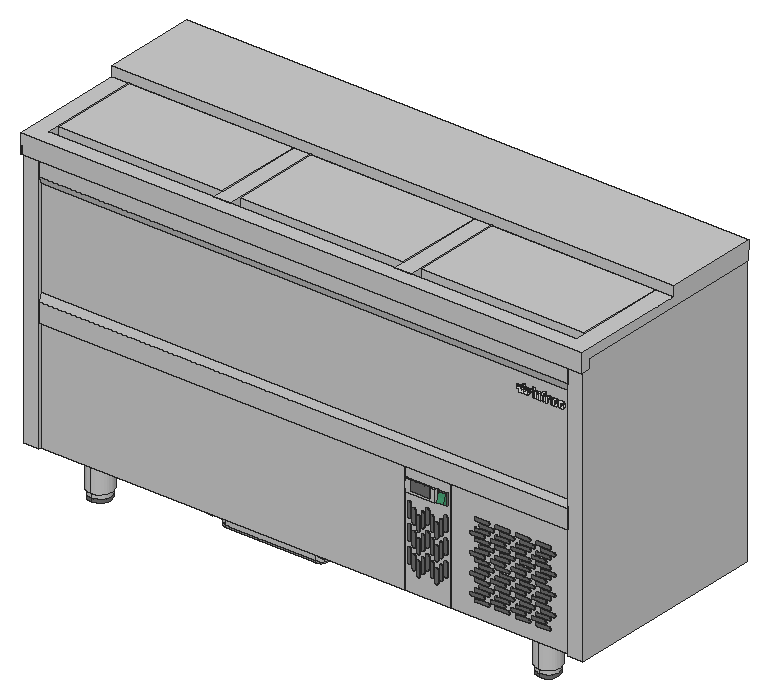
Revit family "QF_INFRICO_EB1500II_250806033230", category Specialty Equipment, Revit 2021
Family settings
  Round Connector Dimension = Use Diameter
  Part Type = Normal
  OmniClass Number = 23.40.40.14
  OmniClass Title = Food Service Equipment
  Work Plane-Based = No
  Always vertical = Yes
  Cut with Voids When Loaded = No
  Shared = No
  Room Calculation Point = No
Parameters (values of type "EB1500II")
  Weight [instance] = 78.9976 kg
  Waste Water Discharge Temperature [instance] = 0 °C
  Waste Remarks [instance] = ""
  Warranty Start Date [instance] = ""
  Warranty Duration [instance] = ""
  Volts [instance] = 230 V
  Volt Free Conn [instance] = no
  URL Recommended Spares List [instance] = ""
  URL Manufacturer [instance] = ""
  URL Cutsheet [instance] = ""
  URL Critical Spares List [instance] = ""
  URL = "www.infrico.com"
  Technical Documentation [instance] = ""
  Tag Number [instance] = ""
  Status [instance] = ""
  Start Up Current [instance] = 0 A
  Specification by User [instance] = ""
  Specification by Manufacturer [instance] = ""
  Sound Level [instance] = ""
  Show Logo [instance] = yes
  Show Clearances [instance] = yes
  Service Life Duration [instance] = ""
  Serial Number [instance] = ""
  Seismic Rating [instance] = ""
  SMACNA No [instance] = ""
  Revision Code [instance] = ""
  Revision [instance] = ""
  Production Year [instance] = ""
  Potential Equalisation [instance] = no
  Point Load [instance] = 0
  Plumbing Connection Type [instance] = ""
  Phase [instance] = 1
  Other Equipment Approvals [instance] = ""
  Operational Current [instance] = 0 A
  Number of Poles [instance] = 2
  No Load Power Draw [instance] = no
  NAFEM Spec ID Number [instance] = ""
  Model Warning [instance] = ""
  Model = "EB1500II"
  Min Ckt Ampacity [instance] = 0 A
  Max Overcurrent Protection [instance] = 0 A
  Masterspec [instance] = ""
  Manufacturer = "INFRICO"
  Main switch integrated [instance] = no
  Length Actual [instance] = 1479.042 mm
  Item Number [instance] = ""
  Installed By [instance] = ""
  Installation Date [instance] = ""
  Indirect Waste Size [instance] = 19.05 mm
  Indirect Waste Remarks [instance] = ""
  Indirect Waste Flow [instance] = 0.0 L/s
  Indirect Waste Connection Type [instance] = ""
  Indirect Waste Connection Height [instance] = 0 mm
  Identify Quantity as Lot [instance] = no
  ID [instance] = ""
  Hygiene Approval [instance] = ""
  Height Actual [instance] = 865.124 mm
  HP power [instance] = ""
  Furnished By [instance] = ""
  Foodservice Equipment Identifier [instance] = no
  FL Amps [instance] = 0 A
  Electrical Remarks [instance] = ""
  Electric power [instance] = 180 W
  Electric Connection Type [instance] = ""
  Elec Conn RI Height [instance] = 0 mm
  Elec Conn Connection Height [instance] = 0 mm
  ETL Approved [instance] = no
  Direct Waste Water Discharge Temperature [instance] = -273.15 °C
  Direct Waste Size [instance] = 19.05 mm
  Direct Waste RI Height [instance] = 0 mm
  Direct Waste Flow [instance] = 0.0 L/s
  Direct Waste Connection Height [instance] = 0 mm
  Description = "CHEST BOTTLE COOLER - THREE DOORS - R290"
  Depth Actual [instance] = 549.91 mm
  Default Elevation = 0 mm
  Cycle [instance] = 50 Hz
  Cost = 0
  Connection to energy optimisation system [instance] = yes
  Conn Plug [instance] = ""
  Conn Conduit [instance] = no
  Centralized building control system with digital interface [instance] = ""
  CSI MasterFormat [instance] = ""
  CE Approved [instance] = no
  Barcode [instance] = 0
  Author [instance] = ""
  Asset Identifier [instance] = ""
  Apparent Power [instance] = 180 VA
  Accessory [instance] = no
Reference planes
  plane 1 "Center (Front/Back)": y = 0
  plane 2: z = 0
  plane 3 "Center (Left/Right)": x = 0
Forms (mm)
  Extrusion 1, solid, not visible
    sketch origin (1047.051, -273.113, 107.005) x (1, 0, 0) y (0, 1, 0)
      loop
        line (-2, 2) -> (-2, -2) -> (2, -2) -> (2, 2) -> (-2, 2)
    from -2 to 2
  Extrusion 2, solid, not visible
    sketch origin (912.545, -84.104, 107.005) x (1, 0, 0) y (0, 1, 0)
      loop
        line (-2, 2) -> (-2, -2) -> (2, -2) -> (2, 2) -> (-2, 2)
    from -2 to 2
Dimensions and locks
  locked: nested 2 to Extrusion 1 at 2  (x2)
  locked: nested 3 to Extrusion 2 at 2  (x2)
  aligned and locked: level to plane 2
Nested families
  nested 1: "QF_INFRICO_EB1500II_2920" at (0, 0, 0), type "EB1500II"
    with Weight 78.9976 kg, Warranty Start Date "", Warranty Duration "", URL Cutsheet "", Technical Documentation "", Tag Number "", Status "", Specification by User "", Specification by Manufacturer "", Sound Level "", Solid Fuel Type "", Show Logo yes, Show Clearances yes, Show Clearance yes, Service Life Duration "", Serial Number "", Seismic Rating "", SMACNA No "", Revision Code "", Revision "", Production Year "", Point Load 0, Other Equipment Approvals "", NAFEM Spec ID Number "", Model Warning "", Masterspec "", Length Actual 1479.042 mm, Item Number "", Installed By "", Installation Date "", Identify Quantity as Lot yes, ID "", Hygiene Approval "", Height Actual 865.124 mm, Furnished By "", Foodservice Equipment Identifier yes, Finish none, ETL Approved yes, Depth Actual 549.91 mm, CSI MasterFormat "", CE Approved no, Barcode "", Author "", Asset Identifier "", Accessory no
  nested 2: "CONN_POINT_DRAIN_2D___Generic_Annotation" at (1047.051, -273.113, 105.005), type "CONN_POINT_DRAIN_2D___Generic_Annotation"
    with Onboard connection annotation symbol visibility yes
  nested 3: "CONN_POINT_ELE_2D___Generic_Annotation" at (912.545, -84.104, 105.005), type "CONN_POINT_ELE_2D___Generic_Annotation"
    with Onboard connection annotation symbol visibility yes
Connectors
  piping at (1047.051, -273.113, 105.005), diameter 19.05, driven by "Indirect Waste Size", driven by "Direct Waste Flow"
    settings: on Extrusion 1, index 1, connector inside diameter 609.6 mm, connector length 0 mm, flow factor 0, pipe flow 0.0 L/s, pressure drop 0.0 Pa, fitting loss kfactor 0, connector angle 0.00°, fixture units 0, engagement length 0 mm, angle of deflection 0.00°, flow configuration 1, flow direction 2, fitting loss method 0, system type 16, joint type 0, gender type 0, connector reference index -1, connector utility 0, adjustable connector no, is connector primary yes, connector description "Waste connection for EB1500II"
  electrical at (912.545, -84.104, 105.005), driven by "Apparent Power", driven by "Number of Poles", driven by "Volts"
    settings: on Extrusion 2, index 2, voltage 230 V, apparent load 0 VA, apparent load phase1 180 VA, apparent load phase2 0 VA, apparent load phase3 0 VA, power factor 1, load classification "Other", number of poles 2, system type 31, power factor state 1, is connector primary yes, connector utility no, sub classification motor no, connector description "Electrical connection for EB1500II"
Definition of nested family "QF_INFRICO_EB1500II_2920"
  Parameters (values of type "EB1500II")
    Weight [instance] = 0.00 kg
    Warranty Start Date [instance] = ""
    Warranty Duration [instance] = ""
    URL Cutsheet [instance] = ""
    URL = "www.infrico.com"
    Technical Documentation [instance] = ""
    Tag Number [instance] = ""
    Status [instance] = ""
    Specification by User [instance] = ""
    Specification by Manufacturer [instance] = ""
    Sound Level [instance] = ""
    Solid Fuel Type [instance] = ""
    Show Logo [instance] = yes
    Show Clearances [instance] = yes
    Show Clearance [instance] = yes
    Service Life Duration [instance] = ""
    Serial Number [instance] = ""
    Seismic Rating [instance] = ""
    SMACNA No [instance] = ""
    Revision Code [instance] = ""
    Revision [instance] = ""
    Production Year [instance] = ""
    Point Load [instance] = 0
    Other Equipment Approvals [instance] = ""
    NAFEM Spec ID Number [instance] = ""
    Model Warning [instance] = ""
    Model = "EB1500II"
    Masterspec [instance] = ""
    Manufacturer = "INFRICO"
    Length Actual [instance] = 0 mm
    Item Number [instance] = ""
    Installed By [instance] = ""
    Installation Date [instance] = ""
    Identify Quantity as Lot [instance] = yes
    ID [instance] = ""
    Hygiene Approval [instance] = ""
    Height Actual [instance] = 0 mm
    Furnished By [instance] = ""
    Foodservice Equipment Identifier [instance] = yes
    Finish [instance] = none
    ETL Approved [instance] = yes
    Description = "CHEST BOTTLE COOLER - THREE DOORS - R290"
    Depth Actual [instance] = 0 mm
    Default Elevation = 0 mm
    CSI MasterFormat [instance] = ""
    CE Approved [instance] = yes
    Barcode [instance] = ""
    Author [instance] = ""
    Asset Identifier [instance] = ""
    Assembly Code = "E1090320"
    Accessory [instance] = yes
  Reference planes
    plane 1 "Back": y = 0
    plane 2: z = 0
    plane 3 "Left": x = 0
    plane 4 "Right": x = 1479
    plane 5 "Front": y = -550
    plane 6 "Top": z = 865
  Forms (mm)
    Extrusion 1, solid
      sketch origin (0, 0, -15) x (0, 1, 0) y (0, 0, 1)
        loop
          line (0, 880) -> (-247, 880) -> (-247, 855) -> (0, 855) -> (0, 880)
      from 0 to 1479
    Extrusion 2, solid
      sketch origin (0, 0, -15) x (1, 0, 0) y (0, 0, 1)
        loop
          line (44, 855) -> (0, 855) -> (0, 830) -> (3, 830) -> (3, 836) -> (44, 836) -> (44, 855)
      from 0 to 510
    Extrusion 3, solid
      sketch origin (1479, 0, -15) x (-1, 0, 0) y (0, 0, -1)
        loop
          line (44, -855) -> (44, -836) -> (3, -836) -> (3, -830) -> (0, -830) -> (0, -855) -> (44, -855)
      from 0 to 510
    Extrusion 4, solid
      sketch origin (0, 0, -15) x (0, 1, 0) y (0, 0, 1)
        loop
          line (-510, 830) -> (-510, 855) -> (-550, 855) -> (-550, 830) -> (-510, 830)
      from 0 to 1479
    Extrusion 5, solid
      sketch origin (3, 0, -15) x (0, 1, 0) y (0, 0, 1)
        loop
          line (-247, 855) -> (-482, 855) -> (-482, 832) -> (-510, 832) -> (-510, 830) -> (-247, 830) -> (-247, 855)
      from 44 to 475
    Extrusion 6, solid
      sketch origin (0, 0, -15) x (0, 1, 0) y (0, 0, 1)
        loop
          line (0, 855) -> (-44, 855) -> (-44, 830) -> (0, 830) -> (0, 855)
      from 44 to 1435
    Extrusion 7, solid
      sketch origin (0, 0, -15) x (1, 0, 0) y (0, 0, 1)
        loop
          line (3, 830) -> (44, 830) -> (44, 836) -> (3, 836) -> (3, 830)
      from 0 to 44
    Extrusion 8, solid
      sketch origin (1432, 0, -15) x (1, 0, 0) y (0, 0, 1)
        loop
          line (3, 830) -> (44, 830) -> (44, 836) -> (3, 836) -> (3, 830)
      from 0 to 44
    Extrusion 9, solid
      sketch origin (3, 0, -15) x (0, 1, 0) y (0, 0, 1)
        loop
          line (-542, 120) -> (0, 120) -> (0, 830) -> (-542, 830) -> (-542, 120)
      from 0 to 39
    Extrusion 10, solid, visible <- "Show Logo"
      sketch origin (135.682, -535, -15.716) x (1, 0, 0) y (0, 0, 1)
        loop
          line (1208.799, 696.53) -> (1208.799, 719.204) -> (1204.173, 719.204) -> (1204.173, 696.53) -> (1208.799, 696.53)
        loop
          line (1214.779, 713.006) -> (1211.283, 713.006) -> (1211.283, 696.53) -> (1215.772, 696.53) -> (1215.772, 707.832)
          arc (1215.772, 707.832) -> (1217.528, 708.741) -> (1219.417, 709.324) r 11.052
          arc (1219.417, 709.324) -> (1220.929, 708.961) -> (1221.598, 707.557) r 1.806
          line (1221.598, 707.557) -> (1221.598, 696.53) -> (1226.121, 696.53) -> (1226.121, 708.689)
          arc (1226.121, 708.689) -> (1224.637, 712.075) -> (1221.141, 713.281) r 4.607
          arc (1221.141, 713.281) -> (1218.282, 712.674) -> (1215.669, 711.361) r 11.435
          line (1215.669, 711.361) -> (1215.601, 712.184)
          arc (1215.601, 712.184) -> (1215.36, 712.765) -> (1214.779, 713.006) r 0.822
        loop
          line (1238.557, 720.102) -> (1237.306, 720.102)
          arc (1237.306, 720.102) -> (1235.052, 719.926) -> (1232.881, 719.297) r 11.103
          arc (1232.881, 719.297) -> (1230.805, 717.616) -> (1230.024, 715.062) r 4.567
          line (1230.024, 715.062) -> (1230.024, 712.909) -> (1227.351, 712.703) -> (1227.351, 709.374) -> (1230.024, 709.374) -> (1230.024, 696.53) -> (1234.547, 696.53) -> (1234.547, 709.374) -> (1238.249, 709.374) -> (1238.249, 712.938) -> (1234.547, 712.938) -> (1234.547, 714.548)
          arc (1234.547, 714.548) -> (1234.956, 715.705) -> (1236.045, 716.271) r 1.67
          line (1236.045, 716.271) -> (1237.7, 716.399)
          arc (1237.7, 716.399) -> (1238.306, 716.65) -> (1238.557, 717.255) r 0.857
          line (1238.557, 717.255) -> (1238.557, 720.102)
        loop
          line (1239.479, 713.006) -> (1239.479, 696.53) -> (1243.968, 696.53) -> (1243.968, 707.352)
          arc (1243.968, 707.352) -> (1245.873, 708.631) -> (1248.077, 709.268) r 7.435
          line (1248.077, 709.268) -> (1249.241, 709.416)
          arc (1249.241, 709.416) -> (1249.643, 709.758) -> (1249.793, 710.265) r 0.928
          line (1249.793, 710.265) -> (1249.793, 712.458)
          arc (1249.793, 712.458) -> (1249.531, 713.061) -> (1248.912, 713.28) r 0.824
          arc (1248.912, 713.28) -> (1246.197, 712.588) -> (1243.899, 710.984) r 7.833
          line (1243.899, 710.984) -> (1243.726, 713.006) -> (1239.479, 713.006)
        loop
          line (1255.495, 696.53) -> (1255.495, 713.006) -> (1251.006, 713.006) -> (1251.006, 696.53) -> (1255.495, 696.53)
        loop
          arc (1257.421, 701.327) -> (1258.567, 698.188) -> (1261.466, 696.525) r 4.873
          arc (1261.466, 696.525) -> (1264.493, 696.266) -> (1267.521, 696.525) r 17.816
          arc (1267.521, 696.525) -> (1270.575, 699.134) -> (1271.505, 703.041) r 6.481
          line (1271.505, 703.041) -> (1267.187, 703.041) -> (1267.187, 701.67)
          arc (1267.187, 701.67) -> (1266.64, 700.452) -> (1265.442, 699.865) r 1.965
          arc (1265.442, 699.865) -> (1264.547, 699.816) -> (1263.653, 699.865) r 8.196
          arc (1263.653, 699.865) -> (1262.417, 700.415) -> (1261.91, 701.67) r 1.806
          line (1261.91, 701.67) -> (1261.91, 707.9)
          arc (1261.91, 707.9) -> (1262.417, 709.155) -> (1263.653, 709.705) r 1.806
          arc (1263.653, 709.705) -> (1264.547, 709.754) -> (1265.442, 709.705) r 8.196
          arc (1265.442, 709.705) -> (1266.64, 709.118) -> (1267.187, 707.9) r 1.965
          line (1267.187, 707.9) -> (1267.187, 706.838) -> (1271.505, 706.838)
          arc (1271.505, 706.838) -> (1270.524, 710.556) -> (1267.521, 712.959) r 6.132
          arc (1267.521, 712.959) -> (1264.493, 713.294) -> (1261.466, 712.959) r 13.851
          arc (1261.466, 712.959) -> (1258.571, 711.349) -> (1257.421, 708.243) r 4.772
          line (1257.421, 708.243) -> (1257.421, 701.327)
        loop
          arc (1272.916, 701.329) -> (1273.993, 698.345) -> (1276.726, 696.734) r 4.676
          arc (1276.726, 696.734) -> (1278.515, 696.455) -> (1280.318, 696.291) r 28.371
          arc (1280.318, 696.291) -> (1282.122, 696.455) -> (1283.911, 696.734) r 28.371
          arc (1283.911, 696.734) -> (1286.644, 698.345) -> (1287.72, 701.329) r 4.676
          line (1287.72, 701.329) -> (1287.72, 708.242)
          arc (1287.72, 708.242) -> (1286.644, 711.226) -> (1283.911, 712.837) r 4.676
          arc (1283.911, 712.837) -> (1282.122, 713.116) -> (1280.318, 713.28) r 28.371
          arc (1280.318, 713.28) -> (1278.515, 713.116) -> (1276.726, 712.837) r 28.371
          arc (1276.726, 712.837) -> (1273.993, 711.226) -> (1272.916, 708.242) r 4.676
          line (1272.916, 708.242) -> (1272.916, 701.329)
        loop
          line (1277.405, 707.866) -> (1277.405, 701.705)
          arc (1277.405, 701.705) -> (1277.844, 700.556) -> (1278.936, 699.991) r 1.725
          arc (1278.936, 699.991) -> (1279.627, 699.918) -> (1280.318, 699.856) r 46.133
          arc (1280.318, 699.856) -> (1281.01, 699.918) -> (1281.701, 699.991) r 46.133
          arc (1281.701, 699.991) -> (1282.793, 700.556) -> (1283.231, 701.705) r 1.725
          line (1283.231, 701.705) -> (1283.231, 707.866)
          arc (1283.231, 707.866) -> (1282.793, 709.015) -> (1281.701, 709.58) r 1.725
          arc (1281.701, 709.58) -> (1281.01, 709.653) -> (1280.318, 709.716) r 46.133
          arc (1280.318, 709.716) -> (1279.627, 709.653) -> (1278.936, 709.58) r 46.133
          arc (1278.936, 709.58) -> (1277.844, 709.015) -> (1277.405, 707.866) r 1.725
        loop
          arc (1190.339, 696.543) -> (1191.411, 696.987) -> (1191.856, 698.059) r 1.516
          line (1191.856, 698.059) -> (1191.856, 703.891) -> (1196.035, 703.891)
          arc (1196.035, 703.891) -> (1196.79, 704.121) -> (1197.218, 704.782) r 1.147
          line (1197.218, 704.782) -> (1197.218, 706.211)
          arc (1197.218, 706.211) -> (1196.787, 707.258) -> (1195.719, 707.634) r 1.385
          line (1195.719, 707.634) -> (1194.52, 707.634) -> (1197.218, 710.332)
          arc (1197.218, 710.332) -> (1197.605, 711.266) -> (1197.218, 712.2) r 1.321
          line (1197.218, 712.2) -> (1196.495, 712.923)
          arc (1196.495, 712.923) -> (1195.54, 713.338) -> (1194.558, 712.991) r 1.422
          line (1194.558, 712.991) -> (1191.853, 710.286) -> (1191.853, 711.479)
          arc (1191.853, 711.479) -> (1191.443, 712.516) -> (1190.435, 712.992) r 1.516
          line (1190.435, 712.992) -> (1189.514, 712.992)
          arc (1189.514, 712.992) -> (1188.511, 712.514) -> (1188.103, 711.479) r 1.516
          line (1188.103, 711.479) -> (1188.103, 706.83) -> (1182.073, 701.336) -> (1182.073, 707.509) -> (1185.639, 711.075)
          arc (1185.639, 711.075) -> (1186.053, 712.073) -> (1185.639, 713.071) r 1.412
          line (1185.639, 713.071) -> (1184.987, 713.723)
          arc (1184.987, 713.723) -> (1183.939, 714.141) -> (1182.915, 713.667) r 1.428
          line (1182.915, 713.667) -> (1182.073, 712.825) -> (1182.073, 717.784)
          arc (1182.073, 717.784) -> (1181.658, 718.787) -> (1180.655, 719.203) r 1.418
          line (1180.655, 719.203) -> (1179.726, 719.203)
          arc (1179.726, 719.203) -> (1178.723, 718.787) -> (1178.308, 717.784) r 1.418
          line (1178.308, 717.784) -> (1178.308, 712.825) -> (1177.466, 713.667)
          arc (1177.466, 713.667) -> (1176.442, 714.141) -> (1175.394, 713.723) r 1.428
          line (1175.394, 713.723) -> (1174.742, 713.071)
          arc (1174.742, 713.071) -> (1174.328, 712.073) -> (1174.742, 711.075) r 1.412
          line (1174.742, 711.075) -> (1178.308, 707.509) -> (1178.308, 701.336) -> (1172.278, 706.83) -> (1172.278, 711.479)
          arc (1172.278, 711.479) -> (1171.87, 712.514) -> (1170.867, 712.992) r 1.516
          line (1170.867, 712.992) -> (1169.946, 712.992)
          arc (1169.946, 712.992) -> (1168.938, 712.516) -> (1168.528, 711.479) r 1.516
          line (1168.528, 711.479) -> (1168.528, 710.286) -> (1165.823, 712.991)
          arc (1165.823, 712.991) -> (1164.841, 713.338) -> (1163.886, 712.923) r 1.422
          line (1163.886, 712.923) -> (1163.163, 712.2)
          arc (1163.163, 712.2) -> (1162.776, 711.266) -> (1163.163, 710.332) r 1.321
          line (1163.163, 710.332) -> (1165.861, 707.634) -> (1164.662, 707.634)
          arc (1164.662, 707.634) -> (1163.594, 707.258) -> (1163.163, 706.211) r 1.385
          line (1163.163, 706.211) -> (1163.163, 704.782)
          arc (1163.163, 704.782) -> (1163.591, 704.121) -> (1164.346, 703.891) r 1.147
          line (1164.346, 703.891) -> (1168.525, 703.891) -> (1168.525, 698.059)
          arc (1168.525, 698.059) -> (1168.969, 696.987) -> (1170.042, 696.543) r 1.516
          line (1170.042, 696.543) -> (1190.339, 696.543)
      from 0 to 2
    Extrusion 11, solid
      sketch origin (1110.5, -534, 1402.457) x (0, -1, 0) y (0, 0, 1)
        loop
          line (0, -1056.457) -> (2, -1056.457)
          arc (2, -1056.457) -> (5.042, -1056.207) -> (8.002, -1055.466) r 18.678
          arc (8.002, -1055.466) -> (4.242, -1043.724) -> (3, -1031.457) r 59.104
          line (3, -1031.457) -> (0, -1031.457) -> (0, -1056.457)
      from 0 to 19
    Extrusion 12, solid
      sketch origin (1110.5, -536, 1402.457) x (-1, 0, 0) y (0, 0, 1)
        loop
          line (22, -1028.457) -> (-3, -1028.457) -> (-3, -1059.457) -> (22, -1059.457) -> (22, -1028.457)
      from 0 to 2
    Extrusion 13, solid
      sketch origin (2288.844, -534.1, 58.143) x (-1, 0, 0) y (0, 0, 1)
        loop
          arc (1280.344, 256.857) -> (1275.844, 261.357) -> (1271.344, 256.857) r 4.5
          line (1271.344, 256.857) -> (1271.344, 225.857)
          arc (1271.344, 225.857) -> (1275.844, 221.357) -> (1280.344, 225.857) r 4.5
          line (1280.344, 225.857) -> (1280.344, 256.857)
        loop
          arc (1268.344, 244.857) -> (1263.844, 249.357) -> (1259.344, 244.857) r 4.5
          line (1259.344, 244.857) -> (1259.344, 213.857)
          arc (1259.344, 213.857) -> (1263.844, 209.357) -> (1268.344, 213.857) r 4.5
          line (1268.344, 213.857) -> (1268.344, 244.857)
        loop
          arc (1256.344, 232.857) -> (1251.844, 237.357) -> (1247.344, 232.857) r 4.5
          line (1247.344, 232.857) -> (1247.344, 201.857)
          arc (1247.344, 201.857) -> (1251.844, 197.357) -> (1256.344, 201.857) r 4.5
          line (1256.344, 201.857) -> (1256.344, 232.857)
        loop
          arc (1244.344, 244.857) -> (1239.844, 249.357) -> (1235.344, 244.857) r 4.5
          line (1235.344, 244.857) -> (1235.344, 213.857)
          arc (1235.344, 213.857) -> (1239.844, 209.357) -> (1244.344, 213.857) r 4.5
          line (1244.344, 213.857) -> (1244.344, 244.857)
        loop
          arc (1232.344, 256.857) -> (1227.844, 261.357) -> (1223.344, 256.857) r 4.5
          line (1223.344, 256.857) -> (1223.344, 225.857)
          arc (1223.344, 225.857) -> (1227.844, 221.357) -> (1232.344, 225.857) r 4.5
          line (1232.344, 225.857) -> (1232.344, 256.857)
        loop
          arc (1220.344, 244.857) -> (1215.844, 249.357) -> (1211.344, 244.857) r 4.5
          line (1211.344, 244.857) -> (1211.344, 213.857)
          arc (1211.344, 213.857) -> (1215.844, 209.357) -> (1220.344, 213.857) r 4.5
          line (1220.344, 213.857) -> (1220.344, 244.857)
        loop
          arc (1208.344, 232.857) -> (1203.844, 237.357) -> (1199.344, 232.857) r 4.5
          line (1199.344, 232.857) -> (1199.344, 201.857)
          arc (1199.344, 201.857) -> (1203.844, 197.357) -> (1208.344, 201.857) r 4.5
          line (1208.344, 201.857) -> (1208.344, 232.857)
        loop
          arc (1196.344, 244.857) -> (1191.844, 249.357) -> (1187.344, 244.857) r 4.5
          line (1187.344, 244.857) -> (1187.344, 213.857)
          arc (1187.344, 213.857) -> (1191.844, 209.357) -> (1196.344, 213.857) r 4.5
          line (1196.344, 213.857) -> (1196.344, 244.857)
        loop
          line (1175.344, 256.857) -> (1175.344, 225.857)
          arc (1175.344, 225.857) -> (1179.844, 221.357) -> (1184.344, 225.857) r 4.5
          line (1184.344, 225.857) -> (1184.344, 256.857)
          arc (1184.344, 256.857) -> (1179.844, 261.357) -> (1175.344, 256.857) r 4.5
        loop
          arc (1280.344, 202.857) -> (1275.844, 207.357) -> (1271.344, 202.857) r 4.5
          line (1271.344, 202.857) -> (1271.344, 171.857)
          arc (1271.344, 171.857) -> (1275.844, 167.357) -> (1280.344, 171.857) r 4.5
          line (1280.344, 171.857) -> (1280.344, 202.857)
        loop
          arc (1268.344, 190.857) -> (1263.844, 195.357) -> (1259.344, 190.857) r 4.5
          line (1259.344, 190.857) -> (1259.344, 159.857)
          arc (1259.344, 159.857) -> (1263.844, 155.357) -> (1268.344, 159.857) r 4.5
          line (1268.344, 159.857) -> (1268.344, 190.857)
        loop
          arc (1256.344, 178.857) -> (1251.844, 183.357) -> (1247.344, 178.857) r 4.5
          line (1247.344, 178.857) -> (1247.344, 147.857)
          arc (1247.344, 147.857) -> (1251.844, 143.357) -> (1256.344, 147.857) r 4.5
          line (1256.344, 147.857) -> (1256.344, 178.857)
        loop
          arc (1244.344, 190.857) -> (1239.844, 195.357) -> (1235.344, 190.857) r 4.5
          line (1235.344, 190.857) -> (1235.344, 159.857)
          arc (1235.344, 159.857) -> (1239.844, 155.357) -> (1244.344, 159.857) r 4.5
          line (1244.344, 159.857) -> (1244.344, 190.857)
        loop
          arc (1232.344, 202.857) -> (1227.844, 207.357) -> (1223.344, 202.857) r 4.5
          line (1223.344, 202.857) -> (1223.344, 171.857)
          arc (1223.344, 171.857) -> (1227.844, 167.357) -> (1232.344, 171.857) r 4.5
          line (1232.344, 171.857) -> (1232.344, 202.857)
        loop
          arc (1220.344, 190.857) -> (1215.844, 195.357) -> (1211.344, 190.857) r 4.5
          line (1211.344, 190.857) -> (1211.344, 159.857)
          arc (1211.344, 159.857) -> (1215.844, 155.357) -> (1220.344, 159.857) r 4.5
          line (1220.344, 159.857) -> (1220.344, 190.857)
        loop
          arc (1208.344, 178.857) -> (1203.844, 183.357) -> (1199.344, 178.857) r 4.5
          line (1199.344, 178.857) -> (1199.344, 147.857)
          arc (1199.344, 147.857) -> (1203.844, 143.357) -> (1208.344, 147.857) r 4.5
          line (1208.344, 147.857) -> (1208.344, 178.857)
        loop
          arc (1196.344, 190.857) -> (1191.844, 195.357) -> (1187.344, 190.857) r 4.5
          line (1187.344, 190.857) -> (1187.344, 159.857)
          arc (1187.344, 159.857) -> (1191.844, 155.357) -> (1196.344, 159.857) r 4.5
          line (1196.344, 159.857) -> (1196.344, 190.857)
        loop
          line (1175.344, 202.857) -> (1175.344, 171.857)
          arc (1175.344, 171.857) -> (1179.844, 167.357) -> (1184.344, 171.857) r 4.5
          line (1184.344, 171.857) -> (1184.344, 202.857)
          arc (1184.344, 202.857) -> (1179.844, 207.357) -> (1175.344, 202.857) r 4.5
        loop
          arc (1280.344, 148.857) -> (1275.844, 153.357) -> (1271.344, 148.857) r 4.5
          line (1271.344, 148.857) -> (1271.344, 117.857)
          arc (1271.344, 117.857) -> (1275.844, 113.357) -> (1280.344, 117.857) r 4.5
          line (1280.344, 117.857) -> (1280.344, 148.857)
        loop
          arc (1268.344, 136.857) -> (1263.844, 141.357) -> (1259.344, 136.857) r 4.5
          line (1259.344, 136.857) -> (1259.344, 105.857)
          arc (1259.344, 105.857) -> (1263.844, 101.357) -> (1268.344, 105.857) r 4.5
          line (1268.344, 105.857) -> (1268.344, 136.857)
        loop
          arc (1256.344, 124.857) -> (1251.844, 129.357) -> (1247.344, 124.857) r 4.5
          line (1247.344, 124.857) -> (1247.344, 93.857)
          arc (1247.344, 93.857) -> (1251.844, 89.357) -> (1256.344, 93.857) r 4.5
          line (1256.344, 93.857) -> (1256.344, 124.857)
        loop
          arc (1244.344, 136.857) -> (1239.844, 141.357) -> (1235.344, 136.857) r 4.5
          line (1235.344, 136.857) -> (1235.344, 105.857)
          arc (1235.344, 105.857) -> (1239.844, 101.357) -> (1244.344, 105.857) r 4.5
          line (1244.344, 105.857) -> (1244.344, 136.857)
        loop
          arc (1232.344, 148.857) -> (1227.844, 153.357) -> (1223.344, 148.857) r 4.5
          line (1223.344, 148.857) -> (1223.344, 117.857)
          arc (1223.344, 117.857) -> (1227.844, 113.357) -> (1232.344, 117.857) r 4.5
          line (1232.344, 117.857) -> (1232.344, 148.857)
        loop
          arc (1220.344, 136.857) -> (1215.844, 141.357) -> (1211.344, 136.857) r 4.5
          line (1211.344, 136.857) -> (1211.344, 105.857)
          arc (1211.344, 105.857) -> (1215.844, 101.357) -> (1220.344, 105.857) r 4.5
          line (1220.344, 105.857) -> (1220.344, 136.857)
        loop
          arc (1208.344, 124.857) -> (1203.844, 129.357) -> (1199.344, 124.857) r 4.5
          line (1199.344, 124.857) -> (1199.344, 93.857)
          arc (1199.344, 93.857) -> (1203.844, 89.357) -> (1208.344, 93.857) r 4.5
          line (1208.344, 93.857) -> (1208.344, 124.857)
        loop
          arc (1196.344, 136.857) -> (1191.844, 141.357) -> (1187.344, 136.857) r 4.5
          line (1187.344, 136.857) -> (1187.344, 105.857)
          arc (1187.344, 105.857) -> (1191.844, 101.357) -> (1196.344, 105.857) r 4.5
          line (1196.344, 105.857) -> (1196.344, 136.857)
        loop
          line (1175.344, 148.857) -> (1175.344, 117.857)
          arc (1175.344, 117.857) -> (1179.844, 113.357) -> (1184.344, 117.857) r 4.5
          line (1184.344, 117.857) -> (1184.344, 148.857)
          arc (1184.344, 148.857) -> (1179.844, 153.357) -> (1175.344, 148.857) r 4.5
      from 0 to 2
    Extrusion 14, solid
      sketch origin (-1000, 0, -15) x (1, 0, 0) y (0, 1, 0)
        loop
          line (1000, -550) -> (2479, -550) -> (2479, -525) -> (2476, -525) -> (2476, -548) -> (1003, -548) -> (1003, -525) -> (1000, -525) -> (1000, -550)
      from 805 to 830
    Extrusion 15, solid
      sketch origin (999, 0, -15) x (0, 1, 0) y (0, 0, -1)
        loop
          line (-247, -855) -> (-247, -830) -> (-510, -830) -> (-510, -832) -> (-482, -832) -> (-482, -855) -> (-247, -855)
      from 44 to 475
    Extrusion 16, solid
      sketch origin (-1, 0, -15) x (1, 0, 0) y (0, 1, 0)
        loop
          line (480, -247) -> (480, -510) -> (524, -510) -> (524, -247) -> (480, -247)
      from 830 to 855
    Extrusion 17, solid
      sketch origin (1476, 0, -15) x (0, 1, 0) y (0, 0, -1)
        loop
          line (-542, -120) -> (-542, -830) -> (0, -830) -> (0, -120) -> (-542, -120)
      from 0 to 39
    Extrusion 18, solid
      sketch origin (0, 0, -2) x (0, 1, 0) y (0, 0, 1)
        loop
          line (-542, 817) -> (-542, 750) -> (-535, 731) -> (-535, 474) -> (-542, 455) -> (-542, 405) -> (-525, 405) -> (-525, 817) -> (-542, 817)
      from 42 to 1437
    Extrusion 19, solid
      sketch origin (0, 0, -2) x (0, 1, 0) y (0, 0, 1)
        loop
          line (0, 817) -> (-12, 817) -> (-12, 119) -> (-485, 119) -> (-485, 107) -> (0, 107) -> (0, 817)
      from 42 to 1435
    Extrusion 20, solid
      sketch origin (0, 0, -2) x (0, 1, 0) y (0, 0, 1)
        loop
          line (-485, 107) -> (-485, 119) -> (-525, 119) -> (-525, 405) -> (-534, 405) -> (-534, 107) -> (-485, 107)
      from 42 to 1001
    Extrusion 21, solid
      sketch origin (959, 0, -2) x (0, 1, 0) y (0, 0, 1)
        loop
          line (-485, 107) -> (-485, 119) -> (-525, 119) -> (-525, 405) -> (-534, 405) -> (-534, 107) -> (-485, 107)
      from 42 to 162
    Extrusion 22, solid
      sketch origin (1079, 0, -2) x (0, 1, 0) y (0, 0, 1)
        loop
          line (-485, 107) -> (-485, 119) -> (-525, 119) -> (-525, 405) -> (-534, 405) -> (-534, 107) -> (-485, 107)
      from 42 to 358
    Extrusion 23, solid
      sketch origin (2408.844, -534.1, 58.143) x (-1, 0, 0) y (0, 0, 1)
        loop
          arc (1068.844, 176.857) -> (1064.344, 172.357) -> (1068.844, 167.857) r 4.5
          line (1068.844, 167.857) -> (1099.844, 167.857)
          arc (1099.844, 167.857) -> (1104.344, 172.357) -> (1099.844, 176.857) r 4.5
          line (1099.844, 176.857) -> (1068.844, 176.857)
        loop
          arc (1080.844, 164.857) -> (1076.344, 160.357) -> (1080.844, 155.857) r 4.5
          line (1080.844, 155.857) -> (1111.844, 155.857)
          arc (1111.844, 155.857) -> (1116.344, 160.357) -> (1111.844, 164.857) r 4.5
          line (1111.844, 164.857) -> (1080.844, 164.857)
        loop
          arc (1092.844, 152.857) -> (1088.344, 148.357) -> (1092.844, 143.857) r 4.5
          line (1092.844, 143.857) -> (1123.844, 143.857)
          arc (1123.844, 143.857) -> (1128.344, 148.357) -> (1123.844, 152.857) r 4.5
          line (1123.844, 152.857) -> (1092.844, 152.857)
        loop
          arc (1080.844, 140.857) -> (1076.344, 136.357) -> (1080.844, 131.857) r 4.5
          line (1080.844, 131.857) -> (1111.844, 131.857)
          arc (1111.844, 131.857) -> (1116.344, 136.357) -> (1111.844, 140.857) r 4.5
          line (1111.844, 140.857) -> (1080.844, 140.857)
        loop
          arc (1068.844, 128.857) -> (1064.344, 124.357) -> (1068.844, 119.857) r 4.5
          line (1068.844, 119.857) -> (1099.844, 119.857)
          arc (1099.844, 119.857) -> (1104.344, 124.357) -> (1099.844, 128.857) r 4.5
          line (1099.844, 128.857) -> (1068.844, 128.857)
        loop
          arc (1080.844, 116.857) -> (1076.344, 112.357) -> (1080.844, 107.857) r 4.5
          line (1080.844, 107.857) -> (1111.844, 107.857)
          arc (1111.844, 107.857) -> (1116.344, 112.357) -> (1111.844, 116.857) r 4.5
          line (1111.844, 116.857) -> (1080.844, 116.857)
        loop
          arc (1092.844, 104.857) -> (1088.344, 100.357) -> (1092.844, 95.857) r 4.5
          line (1092.844, 95.857) -> (1123.844, 95.857)
          arc (1123.844, 95.857) -> (1128.344, 100.357) -> (1123.844, 104.857) r 4.5
          line (1123.844, 104.857) -> (1092.844, 104.857)
        loop
          arc (1080.844, 92.857) -> (1076.344, 88.357) -> (1080.844, 83.857) r 4.5
          line (1080.844, 83.857) -> (1111.844, 83.857)
          arc (1111.844, 83.857) -> (1116.344, 88.357) -> (1111.844, 92.857) r 4.5
          line (1111.844, 92.857) -> (1080.844, 92.857)
        loop
          arc (1122.844, 176.857) -> (1118.344, 172.357) -> (1122.844, 167.857) r 4.5
          line (1122.844, 167.857) -> (1153.844, 167.857)
          arc (1153.844, 167.857) -> (1158.344, 172.357) -> (1153.844, 176.857) r 4.5
          line (1153.844, 176.857) -> (1122.844, 176.857)
        loop
          arc (1134.844, 164.857) -> (1130.344, 160.357) -> (1134.844, 155.857) r 4.5
          line (1134.844, 155.857) -> (1165.844, 155.857)
          arc (1165.844, 155.857) -> (1170.344, 160.357) -> (1165.844, 164.857) r 4.5
          line (1165.844, 164.857) -> (1134.844, 164.857)
        loop
          arc (1146.844, 152.857) -> (1142.344, 148.357) -> (1146.844, 143.857) r 4.5
          line (1146.844, 143.857) -> (1177.844, 143.857)
          arc (1177.844, 143.857) -> (1182.344, 148.357) -> (1177.844, 152.857) r 4.5
          line (1177.844, 152.857) -> (1146.844, 152.857)
        loop
          arc (1134.844, 140.857) -> (1130.344, 136.357) -> (1134.844, 131.857) r 4.5
          line (1134.844, 131.857) -> (1165.844, 131.857)
          arc (1165.844, 131.857) -> (1170.344, 136.357) -> (1165.844, 140.857) r 4.5
          line (1165.844, 140.857) -> (1134.844, 140.857)
        loop
          arc (1122.844, 128.857) -> (1118.344, 124.357) -> (1122.844, 119.857) r 4.5
          line (1122.844, 119.857) -> (1153.844, 119.857)
          arc (1153.844, 119.857) -> (1158.344, 124.357) -> (1153.844, 128.857) r 4.5
          line (1153.844, 128.857) -> (1122.844, 128.857)
        loop
          arc (1134.844, 116.857) -> (1130.344, 112.357) -> (1134.844, 107.857) r 4.5
          line (1134.844, 107.857) -> (1165.844, 107.857)
          arc (1165.844, 107.857) -> (1170.344, 112.357) -> (1165.844, 116.857) r 4.5
          line (1165.844, 116.857) -> (1134.844, 116.857)
        loop
          arc (1146.844, 104.857) -> (1142.344, 100.357) -> (1146.844, 95.857) r 4.5
          line (1146.844, 95.857) -> (1177.844, 95.857)
          arc (1177.844, 95.857) -> (1182.344, 100.357) -> (1177.844, 104.857) r 4.5
          line (1177.844, 104.857) -> (1146.844, 104.857)
        loop
          arc (1134.844, 92.857) -> (1130.344, 88.357) -> (1134.844, 83.857) r 4.5
          line (1134.844, 83.857) -> (1165.844, 83.857)
          arc (1165.844, 83.857) -> (1170.344, 88.357) -> (1165.844, 92.857) r 4.5
          line (1165.844, 92.857) -> (1134.844, 92.857)
        loop
          arc (1176.844, 176.857) -> (1172.344, 172.357) -> (1176.844, 167.857) r 4.5
          line (1176.844, 167.857) -> (1207.844, 167.857)
          arc (1207.844, 167.857) -> (1212.344, 172.357) -> (1207.844, 176.857) r 4.5
          line (1207.844, 176.857) -> (1176.844, 176.857)
        loop
          arc (1188.844, 164.857) -> (1184.344, 160.357) -> (1188.844, 155.857) r 4.5
          line (1188.844, 155.857) -> (1219.844, 155.857)
          arc (1219.844, 155.857) -> (1224.344, 160.357) -> (1219.844, 164.857) r 4.5
          line (1219.844, 164.857) -> (1188.844, 164.857)
        loop
          arc (1200.844, 152.857) -> (1196.344, 148.357) -> (1200.844, 143.857) r 4.5
          line (1200.844, 143.857) -> (1231.844, 143.857)
          arc (1231.844, 143.857) -> (1236.344, 148.357) -> (1231.844, 152.857) r 4.5
          line (1231.844, 152.857) -> (1200.844, 152.857)
        loop
          arc (1188.844, 140.857) -> (1184.344, 136.357) -> (1188.844, 131.857) r 4.5
          line (1188.844, 131.857) -> (1219.844, 131.857)
          arc (1219.844, 131.857) -> (1224.344, 136.357) -> (1219.844, 140.857) r 4.5
          line (1219.844, 140.857) -> (1188.844, 140.857)
        loop
          arc (1176.844, 128.857) -> (1172.344, 124.357) -> (1176.844, 119.857) r 4.5
          line (1176.844, 119.857) -> (1207.844, 119.857)
          arc (1207.844, 119.857) -> (1212.344, 124.357) -> (1207.844, 128.857) r 4.5
          line (1207.844, 128.857) -> (1176.844, 128.857)
        loop
          arc (1188.844, 116.857) -> (1184.344, 112.357) -> (1188.844, 107.857) r 4.5
          line (1188.844, 107.857) -> (1219.844, 107.857)
          arc (1219.844, 107.857) -> (1224.344, 112.357) -> (1219.844, 116.857) r 4.5
          line (1219.844, 116.857) -> (1188.844, 116.857)
        loop
          arc (1200.844, 104.857) -> (1196.344, 100.357) -> (1200.844, 95.857) r 4.5
          line (1200.844, 95.857) -> (1231.844, 95.857)
          arc (1231.844, 95.857) -> (1236.344, 100.357) -> (1231.844, 104.857) r 4.5
          line (1231.844, 104.857) -> (1200.844, 104.857)
        loop
          arc (1188.844, 92.857) -> (1184.344, 88.357) -> (1188.844, 83.857) r 4.5
          line (1188.844, 83.857) -> (1219.844, 83.857)
          arc (1219.844, 83.857) -> (1224.344, 88.357) -> (1219.844, 92.857) r 4.5
          line (1219.844, 92.857) -> (1188.844, 92.857)
        loop
          arc (1068.844, 272.857) -> (1064.344, 268.357) -> (1068.844, 263.857) r 4.5
          line (1068.844, 263.857) -> (1099.844, 263.857)
          arc (1099.844, 263.857) -> (1104.344, 268.357) -> (1099.844, 272.857) r 4.5
          line (1099.844, 272.857) -> (1068.844, 272.857)
        loop
          arc (1080.844, 260.857) -> (1076.344, 256.357) -> (1080.844, 251.857) r 4.5
          line (1080.844, 251.857) -> (1111.844, 251.857)
          arc (1111.844, 251.857) -> (1116.344, 256.357) -> (1111.844, 260.857) r 4.5
          line (1111.844, 260.857) -> (1080.844, 260.857)
        loop
          arc (1092.844, 248.857) -> (1088.344, 244.357) -> (1092.844, 239.857) r 4.5
          line (1092.844, 239.857) -> (1123.844, 239.857)
          arc (1123.844, 239.857) -> (1128.344, 244.357) -> (1123.844, 248.857) r 4.5
          line (1123.844, 248.857) -> (1092.844, 248.857)
        loop
          arc (1080.844, 236.857) -> (1076.344, 232.357) -> (1080.844, 227.857) r 4.5
          line (1080.844, 227.857) -> (1111.844, 227.857)
          arc (1111.844, 227.857) -> (1116.344, 232.357) -> (1111.844, 236.857) r 4.5
          line (1111.844, 236.857) -> (1080.844, 236.857)
        loop
          arc (1068.844, 224.857) -> (1064.344, 220.357) -> (1068.844, 215.857) r 4.5
          line (1068.844, 215.857) -> (1099.844, 215.857)
          arc (1099.844, 215.857) -> (1104.344, 220.357) -> (1099.844, 224.857) r 4.5
          line (1099.844, 224.857) -> (1068.844, 224.857)
        loop
          arc (1080.844, 212.857) -> (1076.344, 208.357) -> (1080.844, 203.857) r 4.5
          line (1080.844, 203.857) -> (1111.844, 203.857)
          arc (1111.844, 203.857) -> (1116.344, 208.357) -> (1111.844, 212.857) r 4.5
          line (1111.844, 212.857) -> (1080.844, 212.857)
        loop
          arc (1092.844, 200.857) -> (1088.344, 196.357) -> (1092.844, 191.857) r 4.5
          line (1092.844, 191.857) -> (1123.844, 191.857)
          arc (1123.844, 191.857) -> (1128.344, 196.357) -> (1123.844, 200.857) r 4.5
          line (1123.844, 200.857) -> (1092.844, 200.857)
        loop
          arc (1080.844, 188.857) -> (1076.344, 184.357) -> (1080.844, 179.857) r 4.5
          line (1080.844, 179.857) -> (1111.844, 179.857)
          arc (1111.844, 179.857) -> (1116.344, 184.357) -> (1111.844, 188.857) r 4.5
          line (1111.844, 188.857) -> (1080.844, 188.857)
        loop
          arc (1122.844, 272.857) -> (1118.344, 268.357) -> (1122.844, 263.857) r 4.5
          line (1122.844, 263.857) -> (1153.844, 263.857)
          arc (1153.844, 263.857) -> (1158.344, 268.357) -> (1153.844, 272.857) r 4.5
          line (1153.844, 272.857) -> (1122.844, 272.857)
        loop
          arc (1134.844, 260.857) -> (1130.344, 256.357) -> (1134.844, 251.857) r 4.5
          line (1134.844, 251.857) -> (1165.844, 251.857)
          arc (1165.844, 251.857) -> (1170.344, 256.357) -> (1165.844, 260.857) r 4.5
          line (1165.844, 260.857) -> (1134.844, 260.857)
        loop
          arc (1146.844, 248.857) -> (1142.344, 244.357) -> (1146.844, 239.857) r 4.5
          line (1146.844, 239.857) -> (1177.844, 239.857)
          arc (1177.844, 239.857) -> (1182.344, 244.357) -> (1177.844, 248.857) r 4.5
          line (1177.844, 248.857) -> (1146.844, 248.857)
        loop
          arc (1134.844, 236.857) -> (1130.344, 232.357) -> (1134.844, 227.857) r 4.5
          line (1134.844, 227.857) -> (1165.844, 227.857)
          arc (1165.844, 227.857) -> (1170.344, 232.357) -> (1165.844, 236.857) r 4.5
          line (1165.844, 236.857) -> (1134.844, 236.857)
        loop
          arc (1122.844, 224.857) -> (1118.344, 220.357) -> (1122.844, 215.857) r 4.5
          line (1122.844, 215.857) -> (1153.844, 215.857)
          arc (1153.844, 215.857) -> (1158.344, 220.357) -> (1153.844, 224.857) r 4.5
          line (1153.844, 224.857) -> (1122.844, 224.857)
        loop
          arc (1134.844, 212.857) -> (1130.344, 208.357) -> (1134.844, 203.857) r 4.5
          line (1134.844, 203.857) -> (1165.844, 203.857)
          arc (1165.844, 203.857) -> (1170.344, 208.357) -> (1165.844, 212.857) r 4.5
          line (1165.844, 212.857) -> (1134.844, 212.857)
        loop
          arc (1146.844, 200.857) -> (1142.344, 196.357) -> (1146.844, 191.857) r 4.5
          line (1146.844, 191.857) -> (1177.844, 191.857)
          arc (1177.844, 191.857) -> (1182.344, 196.357) -> (1177.844, 200.857) r 4.5
          line (1177.844, 200.857) -> (1146.844, 200.857)
        loop
          arc (1134.844, 188.857) -> (1130.344, 184.357) -> (1134.844, 179.857) r 4.5
          line (1134.844, 179.857) -> (1165.844, 179.857)
          arc (1165.844, 179.857) -> (1170.344, 184.357) -> (1165.844, 188.857) r 4.5
          line (1165.844, 188.857) -> (1134.844, 188.857)
        loop
          arc (1176.844, 272.857) -> (1172.344, 268.357) -> (1176.844, 263.857) r 4.5
          line (1176.844, 263.857) -> (1207.844, 263.857)
          arc (1207.844, 263.857) -> (1212.344, 268.357) -> (1207.844, 272.857) r 4.5
          line (1207.844, 272.857) -> (1176.844, 272.857)
        loop
          arc (1188.844, 260.857) -> (1184.344, 256.357) -> (1188.844, 251.857) r 4.5
          line (1188.844, 251.857) -> (1219.844, 251.857)
          arc (1219.844, 251.857) -> (1224.344, 256.357) -> (1219.844, 260.857) r 4.5
          line (1219.844, 260.857) -> (1188.844, 260.857)
        loop
          arc (1200.844, 248.857) -> (1196.344, 244.357) -> (1200.844, 239.857) r 4.5
          line (1200.844, 239.857) -> (1231.844, 239.857)
          arc (1231.844, 239.857) -> (1236.344, 244.357) -> (1231.844, 248.857) r 4.5
          line (1231.844, 248.857) -> (1200.844, 248.857)
        loop
          arc (1188.844, 236.857) -> (1184.344, 232.357) -> (1188.844, 227.857) r 4.5
          line (1188.844, 227.857) -> (1219.844, 227.857)
          arc (1219.844, 227.857) -> (1224.344, 232.357) -> (1219.844, 236.857) r 4.5
          line (1219.844, 236.857) -> (1188.844, 236.857)
        loop
          arc (1176.844, 224.857) -> (1172.344, 220.357) -> (1176.844, 215.857) r 4.5
          line (1176.844, 215.857) -> (1207.844, 215.857)
          arc (1207.844, 215.857) -> (1212.344, 220.357) -> (1207.844, 224.857) r 4.5
          line (1207.844, 224.857) -> (1176.844, 224.857)
        loop
          arc (1188.844, 212.857) -> (1184.344, 208.357) -> (1188.844, 203.857) r 4.5
          line (1188.844, 203.857) -> (1219.844, 203.857)
          arc (1219.844, 203.857) -> (1224.344, 208.357) -> (1219.844, 212.857) r 4.5
          line (1219.844, 212.857) -> (1188.844, 212.857)
        loop
          arc (1200.844, 200.857) -> (1196.344, 196.357) -> (1200.844, 191.857) r 4.5
          line (1200.844, 191.857) -> (1231.844, 191.857)
          arc (1231.844, 191.857) -> (1236.344, 196.357) -> (1231.844, 200.857) r 4.5
          line (1231.844, 200.857) -> (1200.844, 200.857)
        loop
          arc (1188.844, 188.857) -> (1184.344, 184.357) -> (1188.844, 179.857) r 4.5
          line (1188.844, 179.857) -> (1219.844, 179.857)
          arc (1219.844, 179.857) -> (1224.344, 184.357) -> (1219.844, 188.857) r 4.5
          line (1219.844, 188.857) -> (1188.844, 188.857)
        loop
          arc (1080.844, 284.857) -> (1076.344, 280.357) -> (1080.844, 275.857) r 4.5
          line (1080.844, 275.857) -> (1111.844, 275.857)
          arc (1111.844, 275.857) -> (1116.344, 280.357) -> (1111.844, 284.857) r 4.5
          line (1111.844, 284.857) -> (1080.844, 284.857)
        loop
          arc (1134.844, 284.857) -> (1130.344, 280.357) -> (1134.844, 275.857) r 4.5
          line (1134.844, 275.857) -> (1165.844, 275.857)
          arc (1165.844, 275.857) -> (1170.344, 280.357) -> (1165.844, 284.857) r 4.5
          line (1165.844, 284.857) -> (1134.844, 284.857)
        loop
          arc (1188.844, 284.857) -> (1184.344, 280.357) -> (1188.844, 275.857) r 4.5
          line (1188.844, 275.857) -> (1219.844, 275.857)
          arc (1219.844, 275.857) -> (1224.344, 280.357) -> (1219.844, 284.857) r 4.5
          line (1219.844, 284.857) -> (1188.844, 284.857)
        loop
          arc (1014.844, 176.857) -> (1010.344, 172.357) -> (1014.844, 167.857) r 4.5
          line (1014.844, 167.857) -> (1045.844, 167.857)
          arc (1045.844, 167.857) -> (1050.344, 172.357) -> (1045.844, 176.857) r 4.5
          line (1045.844, 176.857) -> (1014.844, 176.857)
        loop
          arc (1026.844, 164.857) -> (1022.344, 160.357) -> (1026.844, 155.857) r 4.5
          line (1026.844, 155.857) -> (1057.844, 155.857)
          arc (1057.844, 155.857) -> (1062.344, 160.357) -> (1057.844, 164.857) r 4.5
          line (1057.844, 164.857) -> (1026.844, 164.857)
        loop
          arc (1038.844, 152.857) -> (1034.344, 148.357) -> (1038.844, 143.857) r 4.5
          line (1038.844, 143.857) -> (1069.844, 143.857)
          arc (1069.844, 143.857) -> (1074.344, 148.357) -> (1069.844, 152.857) r 4.5
          line (1069.844, 152.857) -> (1038.844, 152.857)
        loop
          arc (1026.844, 140.857) -> (1022.344, 136.357) -> (1026.844, 131.857) r 4.5
          line (1026.844, 131.857) -> (1057.844, 131.857)
          arc (1057.844, 131.857) -> (1062.344, 136.357) -> (1057.844, 140.857) r 4.5
          line (1057.844, 140.857) -> (1026.844, 140.857)
        loop
          arc (1014.844, 128.857) -> (1010.344, 124.357) -> (1014.844, 119.857) r 4.5
          line (1014.844, 119.857) -> (1045.844, 119.857)
          arc (1045.844, 119.857) -> (1050.344, 124.357) -> (1045.844, 128.857) r 4.5
          line (1045.844, 128.857) -> (1014.844, 128.857)
        loop
          arc (1026.844, 116.857) -> (1022.344, 112.357) -> (1026.844, 107.857) r 4.5
          line (1026.844, 107.857) -> (1057.844, 107.857)
          arc (1057.844, 107.857) -> (1062.344, 112.357) -> (1057.844, 116.857) r 4.5
          line (1057.844, 116.857) -> (1026.844, 116.857)
        loop
          arc (1038.844, 104.857) -> (1034.344, 100.357) -> (1038.844, 95.857) r 4.5
          line (1038.844, 95.857) -> (1069.844, 95.857)
          arc (1069.844, 95.857) -> (1074.344, 100.357) -> (1069.844, 104.857) r 4.5
          line (1069.844, 104.857) -> (1038.844, 104.857)
        loop
          arc (1026.844, 92.857) -> (1022.344, 88.357) -> (1026.844, 83.857) r 4.5
          line (1026.844, 83.857) -> (1057.844, 83.857)
          arc (1057.844, 83.857) -> (1062.344, 88.357) -> (1057.844, 92.857) r 4.5
          line (1057.844, 92.857) -> (1026.844, 92.857)
        loop
          arc (1014.844, 272.857) -> (1010.344, 268.357) -> (1014.844, 263.857) r 4.5
          line (1014.844, 263.857) -> (1045.844, 263.857)
          arc (1045.844, 263.857) -> (1050.344, 268.357) -> (1045.844, 272.857) r 4.5
          line (1045.844, 272.857) -> (1014.844, 272.857)
        loop
          arc (1026.844, 260.857) -> (1022.344, 256.357) -> (1026.844, 251.857) r 4.5
          line (1026.844, 251.857) -> (1057.844, 251.857)
          arc (1057.844, 251.857) -> (1062.344, 256.357) -> (1057.844, 260.857) r 4.5
          line (1057.844, 260.857) -> (1026.844, 260.857)
        loop
          arc (1038.844, 248.857) -> (1034.344, 244.357) -> (1038.844, 239.857) r 4.5
          line (1038.844, 239.857) -> (1069.844, 239.857)
          arc (1069.844, 239.857) -> (1074.344, 244.357) -> (1069.844, 248.857) r 4.5
          line (1069.844, 248.857) -> (1038.844, 248.857)
        loop
          arc (1026.844, 236.857) -> (1022.344, 232.357) -> (1026.844, 227.857) r 4.5
          line (1026.844, 227.857) -> (1057.844, 227.857)
          arc (1057.844, 227.857) -> (1062.344, 232.357) -> (1057.844, 236.857) r 4.5
          line (1057.844, 236.857) -> (1026.844, 236.857)
        loop
          arc (1014.844, 224.857) -> (1010.344, 220.357) -> (1014.844, 215.857) r 4.5
          line (1014.844, 215.857) -> (1045.844, 215.857)
          arc (1045.844, 215.857) -> (1050.344, 220.357) -> (1045.844, 224.857) r 4.5
          line (1045.844, 224.857) -> (1014.844, 224.857)
        loop
          arc (1026.844, 212.857) -> (1022.344, 208.357) -> (1026.844, 203.857) r 4.5
          line (1026.844, 203.857) -> (1057.844, 203.857)
          arc (1057.844, 203.857) -> (1062.344, 208.357) -> (1057.844, 212.857) r 4.5
          line (1057.844, 212.857) -> (1026.844, 212.857)
        loop
          arc (1038.844, 200.857) -> (1034.344, 196.357) -> (1038.844, 191.857) r 4.5
          line (1038.844, 191.857) -> (1069.844, 191.857)
          arc (1069.844, 191.857) -> (1074.344, 196.357) -> (1069.844, 200.857) r 4.5
          line (1069.844, 200.857) -> (1038.844, 200.857)
        loop
          arc (1026.844, 188.857) -> (1022.344, 184.357) -> (1026.844, 179.857) r 4.5
          line (1026.844, 179.857) -> (1057.844, 179.857)
          arc (1057.844, 179.857) -> (1062.344, 184.357) -> (1057.844, 188.857) r 4.5
          line (1057.844, 188.857) -> (1026.844, 188.857)
        loop
          arc (1026.844, 284.857) -> (1022.344, 280.357) -> (1026.844, 275.857) r 4.5
          line (1026.844, 275.857) -> (1057.844, 275.857)
          arc (1057.844, 275.857) -> (1062.344, 280.357) -> (1057.844, 284.857) r 4.5
          line (1057.844, 284.857) -> (1026.844, 284.857)
      from 0 to 2
    Extrusion 24, solid
      sketch origin (108.5, -21.5, 97) x (1, 0, 0) y (0, 1, 0)
        loop
          line (0, 0) -> (0, -81) -> (81, -81) -> (81, 0) -> (0, 0)
      from 0 to 8
    Revolve 25, solid
      sketch origin (149, -21.5, 97) x (0, 1, 0) y (0, 0, 1)
        loop
          line (-40.5, 0) -> (-40.5, -88) -> (-12.5, -88) -> (-12.5, -75) -> (-8.5, -75) -> (-8.5, 0) -> (-40.5, 0)
        axis (-40.5, -88) -> (-40.5, 0)
      angle from 0 to 360
    Extrusion 26, solid
      sketch origin (149, -21.5, 153.077) x (1, 0, 0) y (0, 1, 0)
        loop
          circle (0, -40.5) r 28
      from -153.077 to -144.077
    Extrusion 27, solid
      sketch origin (108.5, -432.5, 97) x (1, 0, 0) y (0, 1, 0)
        loop
          line (0, 0) -> (0, -81) -> (81, -81) -> (81, 0) -> (0, 0)
      from 0 to 8
    Revolve 28, solid
      sketch origin (149, -432.5, 97) x (0, 1, 0) y (0, 0, 1)
        loop
          line (-40.5, 0) -> (-40.5, -88) -> (-12.5, -88) -> (-12.5, -75) -> (-8.5, -75) -> (-8.5, 0) -> (-40.5, 0)
        axis (-40.5, -88) -> (-40.5, 0)
      angle from 0 to 360
    Extrusion 29, solid
      sketch origin (149, -432.5, 153.077) x (1, 0, 0) y (0, 1, 0)
        loop
          circle (0, -40.5) r 28
      from -153.077 to -144.077
    Extrusion 30, solid
      sketch origin (1370.5, -21.5, 97) x (-1, 0, 0) y (0, -1, 0)
        loop
          line (0, 0) -> (81, 0) -> (81, 81) -> (0, 81) -> (0, 0)
      from 0 to 8
    Revolve 31, solid
      sketch origin (1330, -21.5, 97) x (0, 1, 0) y (0, 0, -1)
        loop
          line (-40.5, 0) -> (-8.5, 0) -> (-8.5, 75) -> (-12.5, 75) -> (-12.5, 88) -> (-40.5, 88) -> (-40.5, 0)
        axis (-40.5, 88) -> (-40.5, 0)
      angle from 0 to 360
    Extrusion 32, solid
      sketch origin (1330, -21.5, 153.077) x (-1, 0, 0) y (0, -1, 0)
        loop
          circle (0, 40.5) r 28
      from -153.077 to -144.077
    Extrusion 33, solid
      sketch origin (1370.5, -432.5, 97) x (-1, 0, 0) y (0, -1, 0)
        loop
          line (0, 0) -> (81, 0) -> (81, 81) -> (0, 81) -> (0, 0)
      from 0 to 8
    Revolve 34, solid
      sketch origin (1330, -432.5, 97) x (0, 1, 0) y (0, 0, -1)
        loop
          line (-40.5, 0) -> (-8.5, 0) -> (-8.5, 75) -> (-12.5, 75) -> (-12.5, 88) -> (-40.5, 88) -> (-40.5, 0)
        axis (-40.5, 88) -> (-40.5, 0)
      angle from 0 to 360
    Extrusion 35, solid
      sketch origin (1330, -432.5, 153.077) x (-1, 0, 0) y (0, -1, 0)
        loop
          circle (0, 40.5) r 28
      from -153.077 to -144.077
    Sweep 36, solid
      path origin (183.321, -805.858, 44.104) x (-1, 0, 0) y (0, -1, 0)
        loop
          arc (-532.179, -341.858) -> (-539.957, -345.08) -> (-543.179, -352.858) r 11
          line (-543.179, -352.858) -> (-543.179, -725.858)
          arc (-543.179, -725.858) -> (-539.957, -733.636) -> (-532.179, -736.858) r 11
          line (-532.179, -736.858) -> (-295.179, -736.858)
          arc (-295.179, -736.858) -> (-287.401, -733.636) -> (-284.179, -725.858) r 11
          line (-284.179, -725.858) -> (-284.179, -352.858)
          arc (-284.179, -352.858) -> (-287.401, -345.08) -> (-295.179, -341.858) r 11
          line (-295.179, -341.858) -> (-532.179, -341.858)
      profile origin (597, -464, 44.104) x (0, -1, 0) y (0, 0, 1)
        loop
          arc (21, 36.896) -> (19.536, 40.432) -> (16, 41.896) r 5
          line (16, 41.896) -> (13, 41.896)
          arc (13, 41.896) -> (9.464, 40.432) -> (8, 36.896) r 5
          line (8, 36.896) -> (5, 1.896)
          arc (5, 1.896) -> (3.536, -1.639) -> (0, -3.104) r 5
          line (0, -3.104) -> (0, -5.104)
          arc (0, -5.104) -> (4.917, -3.086) -> (6.999, 1.803) r 7
          line (6.999, 1.803) -> (10.001, 36.821)
          arc (10.001, 36.821) -> (10.852, 38.991) -> (13, 39.896) r 3
          line (13, 39.896) -> (16, 39.896)
          arc (16, 39.896) -> (18.152, 38.986) -> (18.999, 36.809) r 3
          line (18.999, 36.809) -> (19.99, 26.896) -> (22, 26.896) -> (21, 36.896)
    Extrusion 37, solid
      sketch origin (-378.207, -487, -132.943) x (-1, 0, 0) y (0, 0, 1)
        loop
          line (-1150.207, 235.943) -> (-1131.207, 235.943) -> (-1131.207, 201.943) -> (-1115.207, 201.943) -> (-1115.207, 203.943) -> (-1129.207, 203.943) -> (-1129.207, 237.943) -> (-1150.207, 237.943) -> (-1150.207, 235.943)
      from 0 to 450
    Extrusion 38, solid
      sketch origin (1572.207, -487, -132.943) x (1, 0, 0) y (0, 0, -1)
        loop
          line (-1150.207, -235.943) -> (-1150.207, -237.943) -> (-1129.207, -237.943) -> (-1129.207, -203.943) -> (-1115.207, -203.943) -> (-1115.207, -201.943) -> (-1131.207, -201.943) -> (-1131.207, -235.943) -> (-1150.207, -235.943)
      from 0 to 450
    Extrusion 39, solid
      sketch origin (1645.5, -889, 39) x (-1, 0, 0) y (0, -1, 0)
        loop
          arc (1167, -820) -> (1174.778, -816.778) -> (1178, -809) r 11
          line (1178, -809) -> (1178, -436)
          arc (1178, -436) -> (1174.778, -428.222) -> (1167, -425) r 11
          line (1167, -425) -> (930, -425)
          arc (930, -425) -> (922.222, -428.222) -> (919, -436) r 11
          line (919, -436) -> (919, -809)
          arc (919, -809) -> (922.222, -816.778) -> (930, -820) r 11
          line (930, -820) -> (1167, -820)
      from 0 to 2
    Extrusion 40, solid
      sketch origin (2058, -539, -181) x (-1, 0, 0) y (0, 0, 1)
        loop
          arc (974, 555) -> (973, 539) -> (974, 523) r 128.5
          arc (974, 523) -> (1012.5, 521) -> (1051, 523) r 371.563
          arc (1051, 523) -> (1052, 539) -> (1051, 555) r 128.5
          arc (1051, 555) -> (1012.5, 557) -> (974, 555) r 371.563
      from 0 to 5
    Extrusion 41, solid
      sketch origin (2058, -539.1, -181) x (-1, 0, 0) y (0, 0, 1)
        loop
          line (1038, 528.124) -> (1038, 556.124)
          arc (1038, 556.124) -> (1012.5, 557) -> (987, 556.124) r 371.563
          line (987, 556.124) -> (987, 528.124) -> (1038, 528.124)
      from 0 to 2
    Extrusion 42, solid
      sketch origin (0, 0, 0) x (1, 0, 0) y (0, 0, 1)
        loop
          line (47, 817) -> (44, 817) -> (44, 815) -> (47, 815) -> (47, 817)
        loop
          line (478, 817) -> (478, 815) -> (479, 815) -> (479, 817) -> (478, 817)
        loop
          line (523, 815) -> (524, 815) -> (524, 817) -> (523, 817) -> (523, 815)
        loop
          line (1432, 815) -> (1435, 815) -> (1435, 817) -> (1432, 817) -> (1432, 815)
        loop
          line (955, 817) -> (955, 815) -> (956, 815) -> (956, 817) -> (955, 817)
        loop
          line (1000, 815) -> (1001, 815) -> (1001, 817) -> (1000, 817) -> (1000, 815)
      from 247 to 510
    Extrusion 43, solid
      sketch origin (1476, 0, -15) x (0, 1, 0) y (0, 0, -1)
        loop
          line (-247, -855) -> (-247, -830) -> (-510, -830) -> (-510, -832) -> (-482, -832) -> (-482, -855) -> (-247, -855)
      from 44 to 475
    Extrusion 44, solid
      sketch origin (476, 0, -15) x (1, 0, 0) y (0, 1, 0)
        loop
          line (480, -247) -> (480, -510) -> (524, -510) -> (524, -247) -> (480, -247)
      from 830 to 855
  Cuts and joins
    joined: Extrusion 1, Extrusion 2, Extrusion 3, Extrusion 4, Extrusion 6, Extrusion 7, Extrusion 8, Extrusion 14
    joined: Extrusion 5, Extrusion 15, Extrusion 42, Extrusion 43
  Lines and regions (mm)
    symbolic lines
      curve 1: line (0, 0, 0) -> (1479, 0, 0)
      curve 2: line (0, -550, 0) -> (0, 0, 0)
      curve 3: line (1479, -550, 0) -> (0, -550, 0)
      curve 4: line (1479, 0, 0) -> (1479, -550, 0)
      curve 5: line (0, -247, 0) -> (1479, -247, 0)
      curve 6: line (1479, -510, 0) -> (0, -510, 0)
      curve 7: line (44, -510, 0) -> (44, -247, 0)
      curve 8: line (1435, -247, 0) -> (1435, -510, 0)
      curve 9: line (1001, -482, 0) -> (1432, -482, 0)
      curve 10: line (956, -247, 0) -> (956, -510, 0)
      curve 11: line (1000, -510, 0) -> (1000, -247, 0)
      curve 12: line (1001, -247, 0) -> (1001, -482, 0)
      curve 13: line (478, -482, 0) -> (478, -247, 0)
      curve 14: line (47, -247, 0) -> (47, -482, 0)
      curve 15: line (1432, -482, 0) -> (1432, -247, 0)
      curve 16: line (47, -482, 0) -> (478, -482, 0)
      curve 17: line (524, -482, 0) -> (955, -482, 0)
      curve 18: line (479, -247, 0) -> (479, -510, 0)
      curve 19: line (523, -510, 0) -> (523, -247, 0)
      curve 20: line (524, -247, 0) -> (524, -482, 0)
      curve 21: line (955, -482, 0) -> (955, -247, 0)
  Dimensions and locks
    plane 1 "Back" to plane 5 "Front" = 550 mm  (x2)
    plane 3 "Left" to plane 4 "Right" = 1479 mm
    plane 6 "Top" to level = 865 mm  (x2)
    plane 4 "Right" to plane 3 "Left" = 1479 mm
    aligned and locked: level to plane 2
Definition of nested family "CONN_POINT_DRAIN_2D___Generic_Annotation"
  Parameters (values of type "CONN_POINT_DRAIN_2D___Generic_Annotation")
    Onboard connection annotation symbol visibility [instance] = yes
  Reference planes
    plane 1: y = 0
    plane 2: x = 0
  Lines and regions (mm)
    detail lines, visible <- "Onboard connection annotation symbol visibility"
      curve 1: circle (0, 0, 0) r 0.5 normal (0, 0, 1)
      curve 2: line (-1, 0, 0) -> (1, 0, 0)
      curve 3: line (0, 1, 0) -> (0, -1, 0)
      curve 4: line (1.776, 1, 0) -> (1.25, 1, 0)
      curve 5: line (1.25, 1, 0) -> (1.25, -1, 0)
      curve 6: line (1.25, -1, 0) -> (1.776, -1, 0)
      curve 7: arc (2.206, -0.862, 0) -> (2.459, -0.589, 0) -> (2.583, -0.238, 0) r 0.918
      curve 8: arc (2.583, 0.238, 0) -> (2.459, 0.589, 0) -> (2.206, 0.862, 0) r 0.918
      curve 9: arc (2.583, -0.238, 0) -> (2.599, 0, 0) -> (2.583, 0.238, 0) r 1.77
      curve 10: arc (2.206, 0.862, 0) -> (2.002, 0.965, 0) -> (1.776, 1, 0) r 0.741
      curve 11: arc (1.776, -1, 0) -> (2.002, -0.965, 0) -> (2.206, -0.862, 0) r 0.741
Definition of nested family "CONN_POINT_ELE_2D___Generic_Annotation"
  Parameters (values of type "CONN_POINT_ELE_2D___Generic_Annotation")
    Onboard connection annotation symbol visibility [instance] = yes
  Reference planes
    plane 1: y = 0
    plane 2: x = 0
  Lines and regions (mm)
    detail lines, visible <- "Onboard connection annotation symbol visibility"
      curve 1: circle (0, 0, 0) r 0.5 normal (0, 0, 1)
      curve 2: line (-1, 0, 0) -> (1, 0, 0)
      curve 3: line (0, 1, 0) -> (0, -1, 0)
      curve 4: line (2.5, 1, 0) -> (1.25, 1, 0)
      curve 5: line (1.25, 1, 0) -> (1.25, -1, 0)
      curve 6: line (1.25, -1, 0) -> (2.5, -1, 0)
      curve 7: line (1.25, 0, 0) -> (2, 0, 0)
